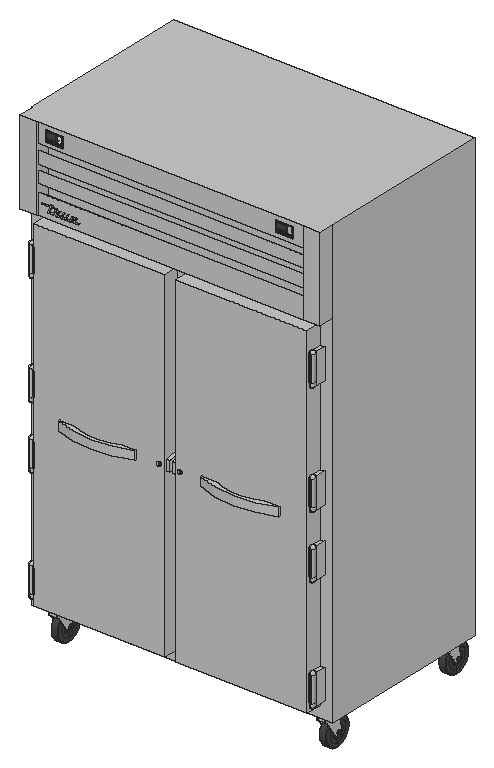
Revit family "QF_TRUE_STG2DT-2S", category Specialty Equipment, Revit 2012 (continued)
Automatic sketch dimensions
  Extrusion 9 sketch curve to Extrusion 9 sketch curve = 0.02191"
  Extrusion 9 sketch curve to Extrusion 9 sketch curve = 0.0347"
  Extrusion 9 sketch curve to Extrusion 9 sketch curve = 0.06385"
  Extrusion 9 sketch curve to Extrusion 9 sketch curve = 0.02906"
  Extrusion 9 sketch curve to Extrusion 9 sketch curve = 0.02851"
  Extrusion 9 sketch curve to Extrusion 9 sketch curve = 0.29237"
  Extrusion 9 sketch curve to Extrusion 9 sketch curve = 0.00537"
  Extrusion 9 sketch curve to Extrusion 9 sketch curve = 0.0406"
  Extrusion 9 sketch curve to Extrusion 9 sketch curve = 0.04327"
  Extrusion 9 sketch curve to Extrusion 9 sketch curve = 0.02615"
  Extrusion 9 sketch curve to Extrusion 9 sketch curve = 0.11806"
  Extrusion 9 sketch curve to Extrusion 9 sketch curve = 0.15103"
  Extrusion 9 sketch curve to Extrusion 9 sketch curve = 0.10007"
  Extrusion 9 sketch curve to Extrusion 9 sketch curve = 0.5254"
  Extrusion 9 sketch curve to Extrusion 9 sketch curve = 0.14787"
  Extrusion 9 sketch curve to plane 6 "TOP" = 13.64562"
  Extrusion 9 sketch curve to Extrusion 9 sketch curve = 0.07275"
  Extrusion 9 sketch curve to Extrusion 9 sketch curve = 0.05776"
  Extrusion 9 sketch curve to Extrusion 9 sketch curve = 0.09282"
  Extrusion 9 sketch curve to Extrusion 9 sketch curve = 0.13018"
  Extrusion 9 sketch curve to Extrusion 9 sketch curve = 0.16714"
  Extrusion 9 sketch curve to Extrusion 9 sketch curve = 0.11061"
  Extrusion 9 sketch curve to Extrusion 9 sketch curve = 0.06046"
  Extrusion 9 sketch curve to Extrusion 9 sketch curve = 0.16548"
  Extrusion 9 sketch curve to Extrusion 9 sketch curve = 0.14279"
  Extrusion 9 sketch curve to Extrusion 9 sketch curve = 0.0496"
  Extrusion 9 sketch curve to Extrusion 9 sketch curve = 0.07293"
  Extrusion 9 sketch curve to Extrusion 9 sketch curve = 0.07764"
  Extrusion 9 sketch curve to Extrusion 9 sketch curve = 0.03794"
  Extrusion 9 sketch curve to Extrusion 9 sketch curve = 0.08552"
  Extrusion 9 sketch curve to Extrusion 9 sketch curve = 0.09296"
  Extrusion 9 sketch curve to Extrusion 9 sketch curve = 0.09314"
  Extrusion 9 sketch curve to Extrusion 9 sketch curve = 0.02781"
  Extrusion 9 sketch curve to Extrusion 9 sketch curve = 0.04981"
  Extrusion 9 sketch curve to Extrusion 9 sketch curve = 0.09315"
  Extrusion 9 sketch curve to Extrusion 9 sketch curve = 0.04799"
  Extrusion 9 sketch curve to Extrusion 9 sketch curve = 0.02531"
  Extrusion 9 sketch curve to Extrusion 9 sketch curve = 0.03054"
  Extrusion 9 sketch curve to Extrusion 9 sketch curve = 0.2589"
  Extrusion 9 sketch curve to Extrusion 9 sketch curve = 0.0674"
  Extrusion 9 sketch curve to Extrusion 9 sketch curve = 0.0324"
  Extrusion 9 sketch curve to Extrusion 9 sketch curve = 0.26185"
  Extrusion 9 sketch curve to Extrusion 9 sketch curve = 11/256"
  Extrusion 9 sketch curve to Extrusion 9 sketch curve = 0.07366"
  Extrusion 9 sketch curve to Extrusion 9 sketch curve = 0.02187"
  Extrusion 9 sketch curve to Extrusion 9 sketch curve = 0.06479"
  Extrusion 9 sketch curve to Extrusion 9 sketch curve = 0.01183"
  Extrusion 9 sketch curve to Extrusion 9 sketch curve = 0.05778"
  Extrusion 9 sketch curve to Extrusion 9 sketch curve = 0.53375"
  Extrusion 9 sketch curve to Extrusion 9 sketch curve = 0.23098"
  Extrusion 9 sketch curve to Extrusion 9 sketch curve = 0"
  Extrusion 9 sketch curve to Extrusion 9 sketch curve = 0.05045"
  Extrusion 9 sketch curve to Extrusion 9 sketch curve = 0.09139"
  Extrusion 9 sketch curve to Extrusion 9 sketch curve = 29/128"  (x3)
  Extrusion 10 sketch curve to plane 4 "RIGHT" = 3 3/32"
  Extrusion 10 sketch curve to plane 6 "TOP" = 2 1/8"
  plane 5 "FRONT" to Extrusion 11 sketch curve = 0"  (x2)
  plane 9 to Extrusion 11 sketch curve = 4.10625"
  Extrusion 11 sketch curve to Extrusion 11 sketch curve = 2.4"  (x2)
  plane 9 to Extrusion 11 sketch curve = 10 3/4"
  Extrusion 11 sketch curve to Extrusion 11 sketch curve = 0"
  plane 5 "FRONT" to Extrusion 11 sketch curve = 0.2"
  Extrusion 11 sketch curve to plane 5 "FRONT" = 7.77899"
  Extrusion 11 sketch curve to Extrusion 11 sketch curve = 7.30945"
  plane 8 to Blend 12 sketch curve = 15/16"  (x2)
  plane 8 to Blend 12 sketch curve = 3/16"
  plane 7 to Blend 12 sketch curve = 31.11669"
  Blend 12 sketch curve to Blend 12 sketch curve = 1 3/4"
  plane 8 to Blend 12 sketch curve = 0.00527"
  plane 7 to Blend 12 sketch curve = 30.5191"
  Blend 12 sketch curve to Blend 12 sketch curve = 2.78233"
  Blend 13 sketch curve to plane 11 = 15/16"
  Blend 13 sketch curve to plane 11 = 3/16"
  plane 7 to Blend 13 sketch curve = 32.86669"
  Blend 13 sketch curve to Blend 13 sketch curve = 1 3/4"
  plane 11 to Blend 13 sketch curve = 15/16"
  plane 11 to Blend 13 sketch curve = 0.00527"
  Blend 13 sketch curve to plane 7 = 30.5191"
  Blend 13 sketch curve to Blend 13 sketch curve = 2.78233"
  Extrusion 14 sketch curve to plane 5 "FRONT" = 1/2"
  Extrusion 14 sketch curve to Extrusion 14 sketch curve = 0.43503"
  Extrusion 14 sketch curve to Extrusion 14 sketch curve = 0.20453"
  Extrusion 14 sketch curve to Extrusion 14 sketch curve = 1.61044"
  Extrusion 14 sketch curve to plane 6 "TOP" = 24.88873"
  Extrusion 14 sketch curve to Extrusion 14 sketch curve = 0.71221"
  Extrusion 14 sketch curve to Extrusion 14 sketch curve = 4.39928"
  Revolve 15 sketch curve to plane 5 "FRONT" = 0.07771"  (x2)
  Revolve 15 sketch curve to Revolve 15 sketch curve = 0.38242"
  Revolve 15 sketch curve to Revolve 15 sketch curve = 0.38436"
  Revolve 15 sketch curve to plane 5 "FRONT" = 31/64"
  Revolve 15 sketch curve to Revolve 15 sketch curve = 0.40666"
  Revolve 15 sketch curve to Revolve 15 sketch curve = 0"
  Revolve 15 sketch curve to plane 6 "TOP" = 25.07719"
  Revolve 15 sketch curve to Revolve 15 sketch curve = 0.32931"
  Revolve 15 sketch curve to Revolve 15 sketch curve = 0.51246"
  Revolve 15 sketch curve to Revolve 15 sketch curve = 0.05342"
  Revolve 15 sketch curve to Revolve 15 sketch curve = 4.42889"
  Revolve 15 sketch curve to Revolve 15 sketch curve = 0.04281"
  Revolve 15 sketch curve to Revolve 15 sketch curve = 0.18929"
  Revolve 15 sketch curve to Revolve 15 sketch curve = 0.55526"
  Extrusion 16 sketch curve to plane 9 = 0.96009"
  Extrusion 16 sketch curve to Extrusion 16 sketch curve = 0.39759"
  Extrusion 16 sketch curve to plane 6 "TOP" = 24.12421"
  Extrusion 16 sketch curve to Extrusion 16 sketch curve = 4.47281"
  Extrusion 17 sketch curve to plane 5 "FRONT" = 1/2"
  Extrusion 17 sketch curve to Extrusion 17 sketch curve = 0.43503"
  Extrusion 17 sketch curve to Extrusion 17 sketch curve = 0.20453"
  Extrusion 17 sketch curve to Extrusion 17 sketch curve = 1.61044"
  plane 7 to Extrusion 17 sketch curve = 33.61127"
  Extrusion 17 sketch curve to Extrusion 17 sketch curve = 0.71221"
  Extrusion 17 sketch curve to Extrusion 17 sketch curve = 4.39928"
  Revolve 18 sketch curve to plane 5 "FRONT" = 0.07771"  (x2)
  Revolve 18 sketch curve to Revolve 18 sketch curve = 0.38242"
  Revolve 18 sketch curve to Revolve 18 sketch curve = 0.38436"
  Revolve 18 sketch curve to plane 5 "FRONT" = 31/64"
  Revolve 18 sketch curve to Revolve 18 sketch curve = 0.40666"
  Revolve 18 sketch curve to Revolve 18 sketch curve = 0"
  plane 7 to Revolve 18 sketch curve = 33.42281"
  Revolve 18 sketch curve to Revolve 18 sketch curve = 0.32931"
  Revolve 18 sketch curve to Revolve 18 sketch curve = 0.51246"
  Revolve 18 sketch curve to Revolve 18 sketch curve = 0.05342"
  Revolve 18 sketch curve to Revolve 18 sketch curve = 4.42889"
  Revolve 18 sketch curve to Revolve 18 sketch curve = 0.04281"
  Revolve 18 sketch curve to Revolve 18 sketch curve = 0.18929"
  Revolve 18 sketch curve to Revolve 18 sketch curve = 0.55526"
  Extrusion 19 sketch curve to plane 9 = 0.96009"
  Extrusion 19 sketch curve to Extrusion 19 sketch curve = 0.39759"
  plane 7 to Extrusion 19 sketch curve = 34.37579"
  Extrusion 19 sketch curve to Extrusion 19 sketch curve = 4.47281"
  Extrusion 20 sketch curve to plane 5 "FRONT" = 1/2"
  Extrusion 20 sketch curve to Extrusion 20 sketch curve = 0.43503"
  Extrusion 20 sketch curve to Extrusion 20 sketch curve = 0.20453"
  Extrusion 20 sketch curve to Extrusion 20 sketch curve = 1.61044"
  plane 7 to Extrusion 20 sketch curve = 22.61127"
  Extrusion 20 sketch curve to Extrusion 20 sketch curve = 0.71221"
  Extrusion 20 sketch curve to Extrusion 20 sketch curve = 4.39928"
  Revolve 21 sketch curve to plane 5 "FRONT" = 0.07771"  (x2)
  Revolve 21 sketch curve to Revolve 21 sketch curve = 0.38242"
  Revolve 21 sketch curve to Revolve 21 sketch curve = 0.38436"
  Revolve 21 sketch curve to plane 5 "FRONT" = 31/64"
  Revolve 21 sketch curve to Revolve 21 sketch curve = 0.40666"
  Revolve 21 sketch curve to Revolve 21 sketch curve = 0"
  plane 7 to Revolve 21 sketch curve = 22.42281"
  Revolve 21 sketch curve to Revolve 21 sketch curve = 0.32931"
  Revolve 21 sketch curve to Revolve 21 sketch curve = 0.51246"
  Revolve 21 sketch curve to Revolve 21 sketch curve = 0.05342"
  Revolve 21 sketch curve to Revolve 21 sketch curve = 4.42889"
  Revolve 21 sketch curve to Revolve 21 sketch curve = 0.04281"
  Revolve 21 sketch curve to Revolve 21 sketch curve = 0.18929"
  Revolve 21 sketch curve to Revolve 21 sketch curve = 0.55526"
  Extrusion 22 sketch curve to plane 9 = 0.96009"
  Extrusion 22 sketch curve to Extrusion 22 sketch curve = 0.39759"
  plane 7 to Extrusion 22 sketch curve = 23.37579"
  Extrusion 22 sketch curve to Extrusion 22 sketch curve = 4.47281"
  Extrusion 23 sketch curve to plane 5 "FRONT" = 1/2"
  Extrusion 23 sketch curve to Extrusion 23 sketch curve = 0.43503"
  Extrusion 23 sketch curve to Extrusion 23 sketch curve = 0.20453"
  Extrusion 23 sketch curve to Extrusion 23 sketch curve = 1.61044"
  plane 7 to Extrusion 23 sketch curve = 2.86127"
  Extrusion 23 sketch curve to Extrusion 23 sketch curve = 0.71221"
  Extrusion 23 sketch curve to Extrusion 23 sketch curve = 4.39928"
  Revolve 24 sketch curve to plane 5 "FRONT" = 0.07771"  (x2)
  Revolve 24 sketch curve to Revolve 24 sketch curve = 0.38242"
  Revolve 24 sketch curve to Revolve 24 sketch curve = 0.38436"
  Revolve 24 sketch curve to plane 5 "FRONT" = 31/64"
  Revolve 24 sketch curve to Revolve 24 sketch curve = 0.40666"
  Revolve 24 sketch curve to Revolve 24 sketch curve = 0"
  plane 7 to Revolve 24 sketch curve = 2.67281"
  Revolve 24 sketch curve to Revolve 24 sketch curve = 0.32931"
  Revolve 24 sketch curve to Revolve 24 sketch curve = 0.51246"
  Revolve 24 sketch curve to Revolve 24 sketch curve = 0.05342"
  Revolve 24 sketch curve to Revolve 24 sketch curve = 4.42889"
  Revolve 24 sketch curve to Revolve 24 sketch curve = 0.04281"
  Revolve 24 sketch curve to Revolve 24 sketch curve = 0.18929"
  Revolve 24 sketch curve to Revolve 24 sketch curve = 0.55526"
  Extrusion 25 sketch curve to plane 9 = 0.96009"
  Extrusion 25 sketch curve to Extrusion 25 sketch curve = 0.39759"
  plane 7 to Extrusion 25 sketch curve = 3.62579"
  Extrusion 25 sketch curve to Extrusion 25 sketch curve = 4.47281"
  Extrusion 26 sketch curve to plane 5 "FRONT" = 1/2"
  Extrusion 26 sketch curve to Extrusion 26 sketch curve = 0.43503"
  Extrusion 26 sketch curve to Extrusion 26 sketch curve = 0.20453"
  Extrusion 26 sketch curve to Extrusion 26 sketch curve = 1.61044"
  Extrusion 26 sketch curve to plane 6 "TOP" = 19.57271"
  Extrusion 26 sketch curve to Extrusion 26 sketch curve = 4.39928"
  Extrusion 26 sketch curve to Extrusion 26 sketch curve = 0.71221"
  Revolve 27 sketch curve to plane 5 "FRONT" = 0.07771"  (x2)
  Revolve 27 sketch curve to Revolve 27 sketch curve = 0.38242"
  Revolve 27 sketch curve to Revolve 27 sketch curve = 0.38436"
  Revolve 27 sketch curve to plane 5 "FRONT" = 31/64"
  Revolve 27 sketch curve to Revolve 27 sketch curve = 0.40666"
  Revolve 27 sketch curve to Revolve 27 sketch curve = 0"
  Revolve 27 sketch curve to plane 6 "TOP" = 18.75492"
  Revolve 27 sketch curve to Revolve 27 sketch curve = 0.55526"
  Revolve 27 sketch curve to Revolve 27 sketch curve = 0.19474"
  Revolve 27 sketch curve to Revolve 27 sketch curve = 0.14649"
  Revolve 27 sketch curve to Revolve 27 sketch curve = 4.42889"
  Revolve 27 sketch curve to Revolve 27 sketch curve = 0.05342"
  Revolve 27 sketch curve to Revolve 27 sketch curve = 0.51246"
  Revolve 27 sketch curve to Revolve 27 sketch curve = 0.05889"
  Extrusion 28 sketch curve to plane 4 "RIGHT" = 1.72741"
  Extrusion 28 sketch curve to Extrusion 28 sketch curve = 0.39759"
  Extrusion 28 sketch curve to plane 6 "TOP" = 19.6514"
  Extrusion 28 sketch curve to Extrusion 28 sketch curve = 4.47281"
  Extrusion 29 sketch curve to plane 5 "FRONT" = 1/2"
  Extrusion 29 sketch curve to Extrusion 29 sketch curve = 0.43503"
  Extrusion 29 sketch curve to Extrusion 29 sketch curve = 0.20453"
  Extrusion 29 sketch curve to Extrusion 29 sketch curve = 1.61044"
  plane 7 to Extrusion 29 sketch curve = 38.92729"
  Extrusion 29 sketch curve to Extrusion 29 sketch curve = 4.39928"
  Extrusion 29 sketch curve to Extrusion 29 sketch curve = 0.71221"
  Revolve 30 sketch curve to plane 5 "FRONT" = 0.07771"  (x2)
  Revolve 30 sketch curve to Revolve 30 sketch curve = 0.38242"
  Revolve 30 sketch curve to Revolve 30 sketch curve = 0.38436"
  Revolve 30 sketch curve to plane 5 "FRONT" = 31/64"
  Revolve 30 sketch curve to Revolve 30 sketch curve = 0.40666"
  Revolve 30 sketch curve to Revolve 30 sketch curve = 0"
  Revolve 30 sketch curve to plane 6 "TOP" = 38.25492"
  Revolve 30 sketch curve to Revolve 30 sketch curve = 0.55526"
  Revolve 30 sketch curve to Revolve 30 sketch curve = 0.19474"
  Revolve 30 sketch curve to Revolve 30 sketch curve = 0.14649"
  Revolve 30 sketch curve to Revolve 30 sketch curve = 4.42889"
  Revolve 30 sketch curve to Revolve 30 sketch curve = 0.05342"
  Revolve 30 sketch curve to Revolve 30 sketch curve = 0.51246"
  Revolve 30 sketch curve to Revolve 30 sketch curve = 0.05889"
  Extrusion 31 sketch curve to plane 4 "RIGHT" = 1.72741"
  Extrusion 31 sketch curve to Extrusion 31 sketch curve = 0.39759"
  plane 7 to Extrusion 31 sketch curve = 38.8486"
  Extrusion 31 sketch curve to Extrusion 31 sketch curve = 4.47281"
  Extrusion 32 sketch curve to plane 5 "FRONT" = 1/2"
  Extrusion 32 sketch curve to Extrusion 32 sketch curve = 0.43503"
  Extrusion 32 sketch curve to Extrusion 32 sketch curve = 0.20453"
  Extrusion 32 sketch curve to Extrusion 32 sketch curve = 1.61044"
  plane 7 to Extrusion 32 sketch curve = 27.92729"
  Extrusion 32 sketch curve to Extrusion 32 sketch curve = 4.39928"
  Extrusion 32 sketch curve to Extrusion 32 sketch curve = 0.71221"
  Revolve 33 sketch curve to plane 5 "FRONT" = 0.07771"  (x2)
  Revolve 33 sketch curve to Revolve 33 sketch curve = 0.38242"
  Revolve 33 sketch curve to Revolve 33 sketch curve = 0.38436"
  Revolve 33 sketch curve to plane 5 "FRONT" = 31/64"
  Revolve 33 sketch curve to Revolve 33 sketch curve = 0.40666"
  Revolve 33 sketch curve to Revolve 33 sketch curve = 0"
  plane 7 to Revolve 33 sketch curve = 28.74508"
  Revolve 33 sketch curve to Revolve 33 sketch curve = 0.55526"
  Revolve 33 sketch curve to Revolve 33 sketch curve = 0.19474"
  Revolve 33 sketch curve to Revolve 33 sketch curve = 0.14649"
  Revolve 33 sketch curve to Revolve 33 sketch curve = 4.42889"
  Revolve 33 sketch curve to Revolve 33 sketch curve = 0.05342"
  Revolve 33 sketch curve to Revolve 33 sketch curve = 0.51246"
  Revolve 33 sketch curve to Revolve 33 sketch curve = 0.05889"
  Extrusion 34 sketch curve to plane 4 "RIGHT" = 1.72741"
  Extrusion 34 sketch curve to Extrusion 34 sketch curve = 0.39759"
  plane 7 to Extrusion 34 sketch curve = 27.8486"
  Extrusion 34 sketch curve to Extrusion 34 sketch curve = 4.47281"
  Extrusion 35 sketch curve to plane 5 "FRONT" = 1/2"
  Extrusion 35 sketch curve to Extrusion 35 sketch curve = 0.43503"
  Extrusion 35 sketch curve to Extrusion 35 sketch curve = 0.20453"
  Extrusion 35 sketch curve to Extrusion 35 sketch curve = 1.61044"
  plane 7 to Extrusion 35 sketch curve = 8.17729"
  plane 7 to Extrusion 35 sketch curve = 3.57348"
  Extrusion 35 sketch curve to Extrusion 35 sketch curve = 0.71221"
  Revolve 36 sketch curve to plane 5 "FRONT" = 0.07771"  (x2)
  Revolve 36 sketch curve to Revolve 36 sketch curve = 0.38242"
  Revolve 36 sketch curve to Revolve 36 sketch curve = 0.38436"
  Revolve 36 sketch curve to plane 5 "FRONT" = 31/64"
  Revolve 36 sketch curve to Revolve 36 sketch curve = 0.40666"
  Revolve 36 sketch curve to Revolve 36 sketch curve = 0"
  plane 7 to Revolve 36 sketch curve = 8.99508"
  Revolve 36 sketch curve to Revolve 36 sketch curve = 0.55526"
  Revolve 36 sketch curve to Revolve 36 sketch curve = 0.19474"
  Revolve 36 sketch curve to Revolve 36 sketch curve = 0.14649"
  plane 7 to Revolve 36 sketch curve = 3.62689"
  Revolve 36 sketch curve to Revolve 36 sketch curve = 0.05342"
  Revolve 36 sketch curve to Revolve 36 sketch curve = 0.51246"
  Revolve 36 sketch curve to Revolve 36 sketch curve = 0.05889"
  Extrusion 37 sketch curve to plane 4 "RIGHT" = 1.72741"
  Extrusion 37 sketch curve to Extrusion 37 sketch curve = 0.39759"
  plane 7 to Extrusion 37 sketch curve = 8.0986"
  plane 7 to Extrusion 37 sketch curve = 3.62579"
  Revolve 38 sketch curve to plane 4 "RIGHT" = 4.19523"
  Revolve 38 sketch curve to Revolve 38 sketch curve = 0.48273"
  Revolve 38 sketch curve to Revolve 38 sketch curve = 0.4"
  Revolve 38 sketch curve to Revolve 38 sketch curve = 0"  (x2)
  Revolve 38 sketch curve to Revolve 38 sketch curve = 0.1"  (x2)
  Revolve 38 sketch curve to Revolve 38 sketch curve = 0.16101"
  Revolve 38 sketch curve to Revolve 38 sketch curve = 0.75408"
  Revolve 38 sketch curve to Revolve 38 sketch curve = 0.92798"
  Revolve 38 sketch curve to Revolve 38 sketch curve = 0.06101"
  Revolve 38 sketch curve to Revolve 38 sketch curve = 1/2"
  Revolve 38 sketch curve to Revolve 38 sketch curve = 0.16509"
  Revolve 38 sketch curve to Revolve 38 sketch curve = 0.39592"
  level to Revolve 38 sketch curve = 2 1/2"
  Revolve 38 sketch curve to Revolve 38 sketch curve = 0.29941"  (x2)
  Revolve 38 sketch curve to Revolve 38 sketch curve = 3/4"  (x4)
  Revolve 38 sketch curve to Revolve 38 sketch curve = 0.59652"
  Revolve 38 sketch curve to Revolve 38 sketch curve = 0.60059"
  Extrusion 39 sketch curve to plane 7 = 0.63926"  (x2)
  Extrusion 39 sketch curve to plane 5 "FRONT" = 3.79864"
  Extrusion 39 sketch curve to Extrusion 39 sketch curve = 1/4"  (x2)
  level to Extrusion 39 sketch curve = 2.18736"  (x2)
  Extrusion 39 sketch curve to Extrusion 39 sketch curve = 1.7492"
  Extrusion 39 sketch curve to Extrusion 39 sketch curve = 0.50669"  (x2)
  Extrusion 39 sketch curve to Extrusion 39 sketch curve = 2 1/2"
  level to Extrusion 39 sketch curve = 2.59003"
  Extrusion 39 sketch curve to Extrusion 39 sketch curve = 0.59966"  (x2)
  plane 1 "BACK" to Extrusion 39 sketch curve = 3.8577"
  plane 1 "BACK" to Extrusion 39 sketch curve = 1.8585"
  plane 1 "BACK" to Extrusion 39 sketch curve = 1.1077"
  Extrusion 39 sketch curve to Extrusion 39 sketch curve = 0.32905"
  Extrusion 39 sketch curve to Extrusion 39 sketch curve = 0.60485"  (x2)
  Extrusion 40 sketch curve to plane 7 = 0.63926"  (x2)
  Extrusion 40 sketch curve to plane 5 "FRONT" = 3.79864"
  Extrusion 40 sketch curve to Extrusion 40 sketch curve = 1/4"  (x2)
  level to Extrusion 40 sketch curve = 2.18736"  (x2)
  Extrusion 40 sketch curve to Extrusion 40 sketch curve = 1.7492"
  Extrusion 40 sketch curve to Extrusion 40 sketch curve = 0.50669"  (x2)
  Extrusion 40 sketch curve to Extrusion 40 sketch curve = 2 1/2"
  level to Extrusion 40 sketch curve = 2.59003"
  Extrusion 40 sketch curve to Extrusion 40 sketch curve = 0.59966"  (x2)
  plane 1 "BACK" to Extrusion 40 sketch curve = 3.8577"
  plane 1 "BACK" to Extrusion 40 sketch curve = 1.8585"
  plane 1 "BACK" to Extrusion 40 sketch curve = 1.1077"
  Extrusion 40 sketch curve to Extrusion 40 sketch curve = 0.32905"
  Extrusion 40 sketch curve to Extrusion 40 sketch curve = 0.60485"  (x2)
  Revolve 41 sketch curve to plane 7 = 0.62954"
  Revolve 41 sketch curve to plane 4 "RIGHT" = 3.98457"
  Revolve 41 sketch curve to Revolve 41 sketch curve = 1.29707"
  Revolve 41 sketch curve to Revolve 41 sketch curve = 0"
  Revolve 41 sketch curve to Revolve 41 sketch curve = 0.10278"
  Revolve 41 sketch curve to plane 7 = 0.00141"
  plane 7 to Revolve 41 sketch curve = 0.26768"
  Revolve 42 sketch curve to level = 0"
  Revolve 42 sketch curve to plane 7 = 0"
  Revolve 42 sketch curve to plane 4 "RIGHT" = 4.02088"
  level to Revolve 42 sketch curve = 1"
  Revolve 42 sketch curve to plane 4 "RIGHT" = 3 7/16"
  Revolve 42 sketch curve to Revolve 42 sketch curve = 1/4"
  Revolve 42 sketch curve to Revolve 42 sketch curve = 1/2"
  Revolve 42 sketch curve to Revolve 42 sketch curve = 0"
  Revolve 42 sketch curve to Revolve 42 sketch curve = 5/8"
  plane 7 to Revolve 42 sketch curve = 1 25/32"
  Revolve 43 sketch curve to level = 0"
  Revolve 43 sketch curve to plane 7 = 0"
  Revolve 43 sketch curve to plane 4 "RIGHT" = 4.02088"
  level to Revolve 43 sketch curve = 1"
  Revolve 43 sketch curve to plane 4 "RIGHT" = 3 7/16"
  Revolve 43 sketch curve to Revolve 43 sketch curve = 1/4"
  Revolve 43 sketch curve to Revolve 43 sketch curve = 1/2"
  Revolve 43 sketch curve to Revolve 43 sketch curve = 0"
  Revolve 43 sketch curve to Revolve 43 sketch curve = 5/8"
  plane 7 to Revolve 43 sketch curve = 1 25/32"
  Revolve 44 sketch curve to plane 7 = 0.62954"
  Revolve 44 sketch curve to plane 4 "RIGHT" = 3.98457"
  Revolve 44 sketch curve to Revolve 44 sketch curve = 1.29707"
  Revolve 44 sketch curve to Revolve 44 sketch curve = 0"
  Revolve 44 sketch curve to Revolve 44 sketch curve = 0.10278"
  Revolve 44 sketch curve to plane 7 = 0.00141"
  plane 7 to Revolve 44 sketch curve = 0.26768"
  Extrusion 45 sketch curve to plane 7 = 0.63926"  (x2)
  Extrusion 45 sketch curve to plane 5 "FRONT" = 3.79864"
  Extrusion 45 sketch curve to Extrusion 45 sketch curve = 1/4"  (x2)
  Extrusion 45 sketch curve to Extrusion 45 sketch curve = 2 1/2"
  Extrusion 45 sketch curve to plane 7 = 0.93273"  (x2)
  Extrusion 45 sketch curve to Extrusion 45 sketch curve = 0.03603"
  plane 1 "BACK" to Extrusion 45 sketch curve = 3.8577"
  Extrusion 45 sketch curve to plane 7 = 1.24411"
  plane 1 "BACK" to Extrusion 45 sketch curve = 1.1077"
  Revolve 46 sketch curve to plane 4 "RIGHT" = 4.19523"
  Revolve 46 sketch curve to Revolve 46 sketch curve = 0.48273"
  Revolve 46 sketch curve to Revolve 46 sketch curve = 0.4"
  Revolve 46 sketch curve to Revolve 46 sketch curve = 0"  (x2)
  Revolve 46 sketch curve to Revolve 46 sketch curve = 0.1"  (x2)
  Revolve 46 sketch curve to Revolve 46 sketch curve = 0.16101"
  Revolve 46 sketch curve to Revolve 46 sketch curve = 0.75408"
  Revolve 46 sketch curve to Revolve 46 sketch curve = 0.92798"
  Revolve 46 sketch curve to Revolve 46 sketch curve = 0.06101"
  Revolve 46 sketch curve to Revolve 46 sketch curve = 1/2"
  Revolve 46 sketch curve to Revolve 46 sketch curve = 0.16509"
  Revolve 46 sketch curve to Revolve 46 sketch curve = 0.39592"
  level to Revolve 46 sketch curve = 2 1/2"
  Revolve 46 sketch curve to Revolve 46 sketch curve = 0.29941"  (x2)
  Revolve 46 sketch curve to Revolve 46 sketch curve = 3/4"  (x4)
  Revolve 46 sketch curve to Revolve 46 sketch curve = 0.59652"
  Revolve 46 sketch curve to Revolve 46 sketch curve = 0.60059"
  plane 3 "LEFT" to Revolve 47 sketch curve = 1.33602"
  Revolve 47 sketch curve to Revolve 47 sketch curve = 0.48273"
  Revolve 47 sketch curve to plane 9 = 5/8"  (x2)
  Revolve 47 sketch curve to Revolve 47 sketch curve = 0.1"  (x2)
  Revolve 47 sketch curve to Revolve 47 sketch curve = 0.16101"
  plane 9 to Revolve 47 sketch curve = 0.12908"
  plane 9 to Revolve 47 sketch curve = 0.46399"
  plane 9 to Revolve 47 sketch curve = 0.525"
  Revolve 47 sketch curve to Revolve 47 sketch curve = 1/2"
  Revolve 47 sketch curve to Revolve 47 sketch curve = 0.16509"
  Revolve 47 sketch curve to Revolve 47 sketch curve = 0.39592"
  level to Revolve 47 sketch curve = 2 1/2"
  Revolve 47 sketch curve to Revolve 47 sketch curve = 0"
  Revolve 47 sketch curve to Revolve 47 sketch curve = 0.29941"  (x2)
  Revolve 47 sketch curve to Revolve 47 sketch curve = 3/4"  (x4)
  Revolve 47 sketch curve to Revolve 47 sketch curve = 0.59652"
  Revolve 47 sketch curve to Revolve 47 sketch curve = 0.60059"
  Extrusion 48 sketch curve to plane 7 = 0.63926"  (x2)
  Extrusion 48 sketch curve to plane 5 "FRONT" = 3.79864"
  Extrusion 48 sketch curve to Extrusion 48 sketch curve = 1/4"  (x2)
  level to Extrusion 48 sketch curve = 2.18736"  (x2)
  Extrusion 48 sketch curve to Extrusion 48 sketch curve = 1.7492"
  Extrusion 48 sketch curve to Extrusion 48 sketch curve = 0.50669"  (x2)
  Extrusion 48 sketch curve to Extrusion 48 sketch curve = 2 1/2"
  level to Extrusion 48 sketch curve = 2.59003"
  Extrusion 48 sketch curve to Extrusion 48 sketch curve = 0.59966"  (x2)
  plane 1 "BACK" to Extrusion 48 sketch curve = 3.8577"
  plane 1 "BACK" to Extrusion 48 sketch curve = 1.8585"
  plane 1 "BACK" to Extrusion 48 sketch curve = 1.1077"
  Extrusion 48 sketch curve to Extrusion 48 sketch curve = 0.32905"
  Extrusion 48 sketch curve to Extrusion 48 sketch curve = 0.60485"  (x2)
  Extrusion 49 sketch curve to plane 7 = 0.63926"  (x2)
  Extrusion 49 sketch curve to plane 5 "FRONT" = 3.79864"
  Extrusion 49 sketch curve to Extrusion 49 sketch curve = 1/4"  (x2)
  level to Extrusion 49 sketch curve = 2.18736"  (x2)
  Extrusion 49 sketch curve to Extrusion 49 sketch curve = 1.7492"
  Extrusion 49 sketch curve to Extrusion 49 sketch curve = 0.50669"  (x2)
  Extrusion 49 sketch curve to Extrusion 49 sketch curve = 2 1/2"
  level to Extrusion 49 sketch curve = 2.59003"
  Extrusion 49 sketch curve to Extrusion 49 sketch curve = 0.59966"  (x2)
  plane 1 "BACK" to Extrusion 49 sketch curve = 3.8577"
  plane 1 "BACK" to Extrusion 49 sketch curve = 1.8585"
  plane 1 "BACK" to Extrusion 49 sketch curve = 1.1077"
  Extrusion 49 sketch curve to Extrusion 49 sketch curve = 0.32905"
  Extrusion 49 sketch curve to Extrusion 49 sketch curve = 0.60485"  (x2)
  Revolve 50 sketch curve to plane 9 = 0"  (x2)
  Revolve 50 sketch curve to plane 7 = 0.62954"
  Revolve 50 sketch curve to Revolve 50 sketch curve = 1.29707"
  Revolve 50 sketch curve to Revolve 50 sketch curve = 0.10278"
  Revolve 50 sketch curve to plane 7 = 0.00141"
  plane 7 to Revolve 50 sketch curve = 0.26768"
  Revolve 51 sketch curve to level = 0"
  Revolve 51 sketch curve to plane 9 = 0"  (x2)
  Revolve 51 sketch curve to Revolve 51 sketch curve = 1/2"
  Revolve 51 sketch curve to Revolve 51 sketch curve = 1/4"
  Revolve 51 sketch curve to plane 7 = 0"
  Revolve 51 sketch curve to Revolve 51 sketch curve = 1.33338"
  level to Revolve 51 sketch curve = 1"
  Revolve 51 sketch curve to Revolve 51 sketch curve = 5/8"
  plane 7 to Revolve 51 sketch curve = 1 25/32"
  Revolve 52 sketch curve to level = 0"
  Revolve 52 sketch curve to plane 9 = 0"  (x2)
  Revolve 52 sketch curve to Revolve 52 sketch curve = 1/2"
  Revolve 52 sketch curve to Revolve 52 sketch curve = 1/4"
  Revolve 52 sketch curve to plane 7 = 0"
  Revolve 52 sketch curve to Revolve 52 sketch curve = 1.33338"
  level to Revolve 52 sketch curve = 1"
  Revolve 52 sketch curve to Revolve 52 sketch curve = 5/8"
  plane 7 to Revolve 52 sketch curve = 1 25/32"
  Revolve 53 sketch curve to plane 9 = 0"  (x2)
  Revolve 53 sketch curve to plane 7 = 0.62954"
  Revolve 53 sketch curve to Revolve 53 sketch curve = 1.29707"
  Revolve 53 sketch curve to Revolve 53 sketch curve = 0.10278"
  Revolve 53 sketch curve to plane 7 = 0.00141"
  plane 7 to Revolve 53 sketch curve = 0.26768"
  Extrusion 54 sketch curve to plane 7 = 0.63926"  (x2)
  Extrusion 54 sketch curve to plane 5 "FRONT" = 3.79864"
  Extrusion 54 sketch curve to Extrusion 54 sketch curve = 1/4"  (x2)
  Extrusion 54 sketch curve to Extrusion 54 sketch curve = 2 1/2"
  Extrusion 54 sketch curve to plane 7 = 0.93273"  (x2)
  Extrusion 54 sketch curve to Extrusion 54 sketch curve = 0.03603"
  plane 1 "BACK" to Extrusion 54 sketch curve = 3.8577"
  Extrusion 54 sketch curve to plane 7 = 1.24411"
  plane 1 "BACK" to Extrusion 54 sketch curve = 1.1077"
  plane 3 "LEFT" to Revolve 55 sketch curve = 1.33602"
  Revolve 55 sketch curve to Revolve 55 sketch curve = 0.48273"
  Revolve 55 sketch curve to plane 9 = 5/8"  (x2)
  Revolve 55 sketch curve to Revolve 55 sketch curve = 0.1"  (x2)
  Revolve 55 sketch curve to Revolve 55 sketch curve = 0.16101"
  plane 9 to Revolve 55 sketch curve = 0.12908"
  plane 9 to Revolve 55 sketch curve = 0.46399"
  plane 9 to Revolve 55 sketch curve = 0.525"
  Revolve 55 sketch curve to Revolve 55 sketch curve = 1/2"
  Revolve 55 sketch curve to Revolve 55 sketch curve = 0.16509"
  Revolve 55 sketch curve to Revolve 55 sketch curve = 0.39592"
  level to Revolve 55 sketch curve = 2 1/2"
  Revolve 55 sketch curve to Revolve 55 sketch curve = 0"
  Revolve 55 sketch curve to Revolve 55 sketch curve = 0.29941"  (x2)
  Revolve 55 sketch curve to Revolve 55 sketch curve = 3/4"  (x4)
  Revolve 55 sketch curve to Revolve 55 sketch curve = 0.59652"
  Revolve 55 sketch curve to Revolve 55 sketch curve = 0.60059"
  Extrusion 56 sketch curve to plane 6 "TOP" = 2.55982"
  Extrusion 56 sketch curve to plane 4 "RIGHT" = 7.80843"
  Extrusion 56 sketch curve to Extrusion 56 sketch curve = 2 29/32"
  Extrusion 56 sketch curve to plane 6 "TOP" = 13/16"
  Extrusion 57 sketch curve to plane 6 "TOP" = 3/4"
  Extrusion 57 sketch curve to plane 4 "RIGHT" = 7.87093"
  Extrusion 57 sketch curve to Extrusion 57 sketch curve = 1/16"  (x4)
  Extrusion 57 sketch curve to Extrusion 57 sketch curve = 0.1375"  (x2)
  Extrusion 57 sketch curve to Extrusion 57 sketch curve = 1/4"  (x4)
  Extrusion 57 sketch curve to Extrusion 57 sketch curve = 0.44601"
  Extrusion 57 sketch curve to Extrusion 57 sketch curve = 1/2"  (x2)
  Extrusion 57 sketch curve to Extrusion 57 sketch curve = 0.0035"
  Extrusion 57 sketch curve to Extrusion 57 sketch curve = 1.06923"
  Extrusion 57 sketch curve to plane 6 "TOP" = 0.95"
  Extrusion 57 sketch curve to Extrusion 57 sketch curve = 1"
  Extrusion 57 sketch curve to Extrusion 57 sketch curve = 0.34106"  (x3)
  Extrusion 57 sketch curve to Extrusion 57 sketch curve = 0"
  Extrusion 57 sketch curve to Extrusion 57 sketch curve = 0.26876"
  Extrusion 59 sketch curve to plane 9 = 0"
  Extrusion 59 sketch curve to plane 5 "FRONT" = 5.09023"
  Extrusion 60 sketch curve to plane 9 = 0"
  plane 1 "BACK" to Extrusion 60 sketch curve = 2.69102"
  Extrusion 61 sketch curve to plane 4 "RIGHT" = 2 11/16"
  plane 1 "BACK" to Extrusion 61 sketch curve = 2.69102"
  Extrusion 62 sketch curve to plane 4 "RIGHT" = 2 11/16"
  Extrusion 62 sketch curve to plane 5 "FRONT" = 5.09023"
  plane 9 to Extrusion 63 sketch curve = 1.56657"
  Extrusion 63 sketch curve to Extrusion 63 sketch curve = 2 29/32"
  Extrusion 63 sketch curve to plane 6 "TOP" = 2.55982"
  Extrusion 63 sketch curve to plane 6 "TOP" = 13/16"
  Extrusion 64 sketch curve to plane 6 "TOP" = 3/4"
  plane 9 to Extrusion 64 sketch curve = 1.50407"
  Extrusion 64 sketch curve to Extrusion 64 sketch curve = 1/16"  (x4)
  Extrusion 64 sketch curve to Extrusion 64 sketch curve = 0.1375"  (x2)
  Extrusion 64 sketch curve to Extrusion 64 sketch curve = 1/4"  (x4)
  Extrusion 64 sketch curve to Extrusion 64 sketch curve = 0.44601"
  Extrusion 64 sketch curve to Extrusion 64 sketch curve = 1/2"  (x2)
  Extrusion 64 sketch curve to Extrusion 64 sketch curve = 0.0035"
  Extrusion 64 sketch curve to Extrusion 64 sketch curve = 1.06923"
  Extrusion 64 sketch curve to plane 6 "TOP" = 0.95"
  Extrusion 64 sketch curve to Extrusion 64 sketch curve = 1"
  Extrusion 64 sketch curve to Extrusion 64 sketch curve = 0.34106"  (x3)
  Extrusion 64 sketch curve to Extrusion 64 sketch curve = 0"
  Extrusion 64 sketch curve to Extrusion 64 sketch curve = 0.26876"
  plane 5 "FRONT" to Extrusion 58 sketch curve = 0"  (x2)
  Extrusion 58 sketch curve to plane 12 = 0"
  plane 12 to Extrusion 58 sketch curve = 3/32"
  Extrusion 58 sketch curve to plane 4 "RIGHT" = 2 9/32"
  plane 8 to Extrusion 58 sketch curve = 15/16"
  Extrusion 58 sketch curve to plane 9 = 9/16"
  Extrusion 58 sketch curve to plane 5 "FRONT" = 0.02713"
  radius of Extrusion 8 sketch curve = 0.35"  (x2)
  radius of Extrusion 10 sketch curve = 1/4"
  radius of Extrusion 59 sketch curve = 1 1/2"
  radius of Extrusion 60 sketch curve = 1 1/2"
  radius of Extrusion 61 sketch curve = 1 1/2"
  radius of Extrusion 62 sketch curve = 1 1/2"
Connectors (in)
  electrical at (49.53125, -0.0625, 82), driven by "Volts", driven by "Watts"
    settings: on Extrusion 10, index 1, voltage 115 V, apparent load 1334 VA, apparent load phase1 0 VA, apparent load phase2 0 VA, apparent load phase3 0 VA, power factor 1, load classification "Other", number of poles 1, system type 30, power factor state 1, is connector primary yes, connector utility no, sub classification motor no, connector description "ELECTRICAL CONNECTION"
